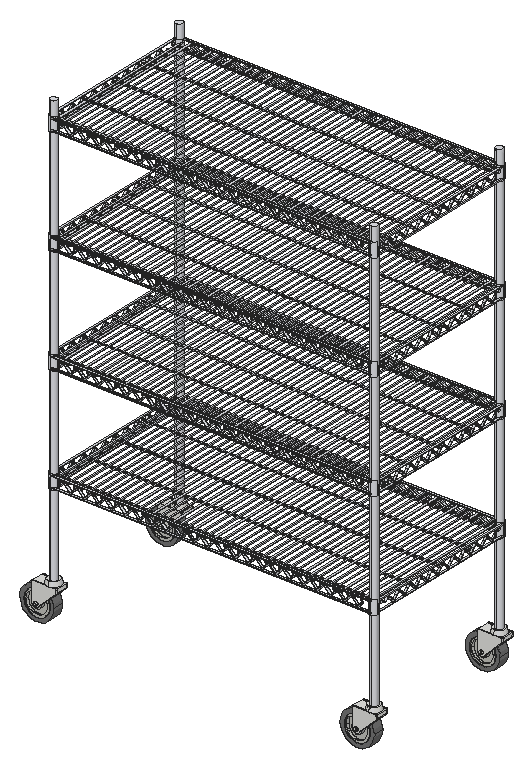
Revit family "Wire_Shelving-Salsbury_Industries-Mobile_Units_48_Wide", category Specialty Equipment, Revit 2016
Family settings
  Part Type = Normal
  Round Connector Dimension = Use Diameter
  OmniClass Number = 23.40.00.00
  OmniClass Title = Equipment and Furnishings
  Work Plane-Based = No
  Always vertical = Yes
  Cut with Voids When Loaded = No
  Shared = No
  Room Calculation Point = No
Parameters (values of type "9544M")
  Width = 48.000"
  Wheel Material = Rubber - Salsbury Finish - Black
  Wheel Hub = Plastic - Salsbury Finish - Gray
  Wheel Hardware = Steel -Salsbury Finish - Polished Steel
  Version = "1.0 (07/31/19)"
  URL = "www.lockers.com"
  Type Comments = "Mobile Wire Shelving"
  Shelf 4 = Wire_Shelving-Shelves : 9144
  Shelf 3 = Wire_Shelving-Shelves : 9144
  Shelf 2 = Wire_Shelving-Shelves : 9144
  Shelf 1 = Wire_Shelving-Shelves : 9144
  Primary Material [instance] = Stainless Steel - Salsbury Finish - Chrome Plated
  OmniClass 23 Title = "Equipment and Furnishings"
  OmniClass 23 Number = "23.40.00.00"
  Model = "9544M"
  MasterFormat Title = "Storage Assemblies"
  MasterFormat Number = "10 56 23"
  Manufacturer = "Salsbury Industries"
  Height = 69.000"
  Description = "48\" Wide - 69\" High - 24\" Deep - Certified by the National Sanitation Foundation (NSF)"
  Depth = 24.000"
  Assembly Description = "Shelving"
  Assembly Code = "C1030320"
Reference planes (in)
  plane 1 "Center (Front/Back)": y = 0
  plane 2: z = 0
  plane 3 "Center (Left/Right)": x = 0
  plane 4 "Bottom": z = 6
  plane 5: z = 37.5
  plane 6: z = 69
  plane 7: x = 24
  plane 8: x = -24
  plane 9: y = -12
  plane 10: y = 12
  plane 11 "Shelf 4": z = 20
  plane 12 "Shelf 3": z = 35.66667
  plane 13 "Shelf 2": z = 51.33333
  plane 14 "Shelf 1": z = 67
  plane 15: x = 23.5
  plane 16: x = -23.5
  plane 17: y = 11.5
  plane 18: y = -11.5
  plane 19: x = -23
  plane 20: x = 23
  plane 21: y = -11
  plane 22: y = 11
Forms (in)
  Extrusion 1, solid, material "Stainless Steel - Salsbury Finish - Chrome Plated" <- "Primary Material"
    sketch origin (0, 0, 6) x (0, -1, 0) y (1, 0, 0)
      loop
        circle (-11.5, -23.5) r 0.5
      loop
        circle (11.5, -23.5) r 0.5
      loop
        circle (-11.5, 23.5) r 0.5
      loop
        circle (11.5, 23.5) r 0.5
    from 0 to 63
Lines and regions (in)
  symbolic lines
    curve 1: line (-24, 0, 69) -> (-23, 0, 69)
    curve 2: line (-24, 0, 6) -> (-24, 0, 69)
    curve 3: line (-23, 0, 6) -> (-24, 0, 6)
    curve 4: line (-23, 0, 69) -> (-23, 0, 6)
    curve 5: line (23, 0, 69) -> (24, 0, 69)
    curve 6: line (23, 0, 6) -> (23, 0, 69)
    curve 7: line (24, 0, 6) -> (23, 0, 6)
    curve 8: line (24, 0, 69) -> (24, 0, 6)
    curve 9: line (0, -12, 69) -> (0, -11, 69)
    curve 10: line (0, -12, 6) -> (0, -12, 69)
    curve 11: line (0, -11, 6) -> (0, -12, 6)
    curve 12: line (0, -11, 69) -> (0, -11, 6)
    curve 13: line (0, 11, 69) -> (0, 12, 69)
    curve 14: line (0, 11, 6) -> (0, 11, 69)
    curve 15: line (0, 12, 6) -> (0, 11, 6)
    curve 16: line (0, 12, 69) -> (0, 12, 6)
Dimensions and locks (in)
  equal spacing: plane 6, plane 5, plane 4 "Bottom"
  "Height": plane 6 to plane 2
  equal spacing: plane 9, plane 1 "Center (Front/Back)", plane 10
  "Depth": plane 9 to plane 10
  equal spacing: plane 8, plane 3 "Center (Left/Right)", plane 7
  "Width": plane 8 to plane 7
  plane 8 to plane 16 = 0.500"
  plane 15 to plane 7 = 0.500"
  plane 17 to plane 10 = 0.500"
  plane 9 to plane 18 = 0.500"
  equal spacing: plane 14 "Shelf 1", plane 13 "Shelf 2", plane 12 "Shelf 3", plane 11 "Shelf 4"
  locked: plane 6 to plane 14 "Shelf 1" at 2
  locked: plane 11 "Shelf 4" to plane 4 "Bottom" at 14
  locked: plane 19 to plane 8 at 1
  locked: plane 20 to plane 7 at 1
  locked: plane 9 to plane 21 at 1
  locked: plane 22 to plane 10 at 1
  locked: plane 4 "Bottom" to plane 2 at 6
  aligned and locked: level to plane 2
  aligned and locked: plane 17 to Extrusion 1 sketch curve  (x2)
  aligned and locked: plane 16 to Extrusion 1 sketch curve  (x2)
  aligned and locked: plane 18 to Extrusion 1 sketch curve  (x2)
  aligned and locked: plane 15 to Extrusion 1 sketch curve  (x2)
  aligned and locked: plane 4 "Bottom" to Extrusion 1
  aligned and locked: Extrusion 1 to plane 6
  aligned and locked: plane 16 to nested 1
  aligned and locked: plane 18 to nested 1
  aligned and locked: plane 11 "Shelf 4" to nested 1
  aligned and locked: plane 18 to nested 2
  aligned and locked: plane 16 to nested 2
  aligned and locked: plane 12 "Shelf 3" to nested 2
  aligned and locked: plane 16 to nested 4
  aligned and locked: plane 18 to nested 4
  aligned and locked: plane 16 to nested 3
  aligned and locked: plane 18 to nested 3
  aligned and locked: plane 13 "Shelf 2" to nested 3
  aligned and locked: plane 14 "Shelf 1" to nested 4
  aligned and locked: curve 3 to plane 4 "Bottom"
  aligned and locked: curve 2 to plane 8
  aligned and locked: plane 6 to curve 1
  aligned and locked: curve 4 to plane 19
  aligned and locked: curve 7 to plane 4 "Bottom"
  aligned and locked: plane 20 to curve 6
  aligned and locked: plane 7 to curve 8
  aligned and locked: plane 6 to curve 5
  aligned and locked: curve 11 to plane 4 "Bottom"
  aligned and locked: curve 12 to plane 21
  aligned and locked: curve 10 to plane 9
  aligned and locked: plane 6 to curve 9
  aligned and locked: plane 6 to curve 13
  aligned and locked: plane 22 to curve 14
  aligned and locked: plane 10 to curve 16
  aligned and locked: curve 15 to plane 4 "Bottom"
  aligned and locked: nested 5 to plane 16
  aligned and locked: plane 18 to nested 5
  aligned and locked: nested 5 to plane 2
  aligned and locked: plane 17 to nested 6
  aligned and locked: plane 16 to nested 6
  aligned and locked: plane 2 to nested 6
  aligned and locked: nested 7 to plane 2
  aligned and locked: plane 2 to nested 8
  aligned and locked: plane 17 to nested 8
  aligned and locked: plane 15 to nested 8
  aligned and locked: plane 18 to nested 7
  aligned and locked: nested 7 to plane 15
Automatic sketch dimensions
  radius of Extrusion 1 sketch curve = 0.500"  (x4)
Nested families (in)
  nested 1: "Wire_Shelving-Shelves" at (0, 0, 18), type <- "Shelf 4", type "9144"
  nested 2: "Wire_Shelving-Shelves" at (0, 0, 33.66667), type <- "Shelf 3", type "9144"
  nested 3: "Wire_Shelving-Shelves" at (0, 0, 49.33333), type <- "Shelf 2", type "9144"
  nested 4: "Wire_Shelving-Shelves" at (0, 0, 65), type <- "Shelf 1", type "9144"
  nested 5: "Wire Shelving Wheel" at (-25.125, -11.5, 0), type "Wire Shelving Wheel"
  nested 6: "Wire Shelving Wheel" at (-25.125, 11.5, 0), type "Wire Shelving Wheel"
  nested 7: "Wire Shelving Wheel" at (21.875, -11.5, 0), type "Wire Shelving Wheel"
  nested 8: "Wire Shelving Wheel" at (21.875, 11.5, 0), type "Wire Shelving Wheel"
Definition of nested family "Wire_Shelving-Shelves"
  Parameters (values of type "9154")
    Wire Support Array = 5
    Wire Platform Support Spacing = 5.403"
    Wire Platform Spacing = 1.003"
    Wire Platform Array - Long Edge = 57
    Wire Pattern Spacing = 2.00818"
    Wire Pattern Offset = 3.500"
    Wire Pattern Array - Short Edge = 10
    Wire Pattern Array - Long Edge = 28
    Wire Bar Depth = Depth + 0.158"  # 24.158"
    Width = 60.000"
    Type Comments = "Shelf for Wire Shelving"
    Primary Material = none
    Model = "9154"
    Manufacturer = "Salsbury Industries"
    Height = 2.000"
    Description = "60\" Wide - 24\" Deep"
    Depth = 24.000"
  Types (6): name | Wire Support Array | Wire Platform Support Spacing | Wire Platform Array - Long Edge | Wire Pattern Array - Short Edge | Wire Pattern Array - Long Edge | Wire Bar Depth | Width | Model | Description | Depth
    9154 | 5 | 5.403" | 57 | 10 | 28 | 24.158" | 60.000" | "9154" | "60\" Wide - 24\" Deep" | 24.000"
    9144 | 5 | 5.403" | 45 | 10 | 22 | 24.158" | 48.000" | "9144" | "48\" Wide - 24\" Deep" | 24.000"
    9134 | 5 | 5.403" | 33 | 10 | 16 | 24.158" | 36.000" | "9134" | "36\" Wide - 24\" Deep" | 24.000"
    9138 | 4 | 5.205" | 33 | 7 | 16 | 18.158" | 36.000" | "9138" | "36\" Wide - 18\" Deep" | 18.000"
    9148 | 4 | 5.205" | 45 | 7 | 22 | 18.158" | 48.000" | "9148" | "48\" Wide - 18\" Deep" | 18.000"
    9158 | 4 | 5.205" | 57 | 7 | 28 | 18.158" | 60.000" | "9158" | "60\" Wide - 18\" Deep" | 18.000"
  Reference planes (in)
    plane 1 "Center (Front/Back)": y = 0
    plane 2: z = 0
    plane 3 "Center (Left/Right)": x = 0
    plane 4 "Bottom": z = 0
    plane 5: z = 1
    plane 6: z = 2
    plane 7: x = 30
    plane 8: x = -30
    plane 9: y = -12
    plane 10: y = 12
    plane 11: x = 29.5
    plane 12: x = -29.5
    plane 13: y = 11.5
    plane 14: y = -11.5
    plane 15: y = -12.079
    plane 16: y = 12.079
    plane 17: x = -30.079
    plane 18: x = 30.079
    plane 19 "Frame - upper": z = 1.775
    plane 20 "Frame-lower": z = 0.225
    plane 21: y = 11.966
    plane 22: y = -11.966
    plane 23: x = 29.966
    plane 24: x = -29.966
    plane 25: y = 11.853
    plane 26: x = 29.70546
    plane 27: x = 29.853
    plane 28: x = -29.853
    plane 29: y = -11.853
    plane 30: z = 1.662
    plane 31: z = 0.338
    plane 32: x = -26.579
    plane 33: x = -24.57082
    plane 34: y = -8.579
    plane 35: y = -6.57082
    plane 36: x = -28.04134
    plane 37: x = -27.03834
    plane 38: x = -29.034
    plane 39: z = 1.54896
    plane 40: x = 29.03397
    plane 41: y = -10.80869
    plane 42: z = 1.32294
    plane 43: y = 10.809
    plane 44: y = -5.40569
    plane 45: y = 10.921
    plane 46: y = -10.921
    plane 47: z = 0.11134
    plane 48: z = 1.889
    plane 49: x = -28.921
    plane 50: x = 28.921
    plane 51: x = 29.14697
    plane 52: x = -29.147
  Forms (in)
    Extrusion 1, solid, material <- "Primary Material"
      sketch origin (0, 0, 0) x (0, -1, 0) y (1, 0, 0)
        loop
          circle (-11.5, -29.5) r 0.5
        loop
          circle (11.5, -29.5) r 0.5
        loop
          circle (-11.5, 29.5) r 0.5
        loop
          circle (11.5, 29.5) r 0.5
        loop
          circle (-11.5, 29.5) r 0.579
        loop
          circle (11.5, 29.5) r 0.579
        loop
          circle (-11.5, -29.5) r 0.579
        loop
          circle (11.5, -29.5) r 0.579
      from 0 to 2
    Extrusion 2, solid, material <- "Primary Material"
      sketch origin (0, 0.03743, 0) x (0, 1, 0) y (0, 0, 1)
        loop
          circle (11.92857, 1.775) r 0.113
        loop
          circle (11.92857, 0.225) r 0.113
        loop
          circle (-12.00343, 1.775) r 0.113
        loop
          circle (-12.00343, 0.225) r 0.113
      from -29.5 to 29.5
    Extrusion 3, solid, material <- "Primary Material"
      sketch origin (0, 0, 0) x (1, 0, 0) y (0, 0, 1)
        loop
          circle (-29.966, 1.775) r 0.113
        loop
          circle (-29.966, 0.225) r 0.113
        loop
          circle (29.966, 1.775) r 0.113
        loop
          circle (29.966, 0.225) r 0.113
      from -11.5 to 11.5
    Extrusion 4, solid, material <- "Primary Material"
      sketch origin (-0.13766, 0, -0.02103) x (1, 0, 0) y (0, 0, 1)
        loop
          circle (-28.89634, 1.56999) r 0.113
      from -11.5 to 11.5
    Extrusion 5, solid, material <- "Primary Material"
      sketch origin (0.13766, 0, -0.02103) x (-1, 0, 0) y (0, 0, -1)
        loop
          circle (-28.89631, -1.56999) r 0.113
      from -11.5 to 11.5
    Extrusion 6, void
      sketch origin (0, 0, 0) x (0, -1, 0) y (1, 0, 0)
        loop
          circle (-11.5, -29.5) r 0.5
        loop
          circle (11.5, -29.5) r 0.5
        loop
          circle (-11.5, 29.5) r 0.5
        loop
          circle (11.5, 29.5) r 0.5
      from 0 to 2
  Cuts and joins
    Extrusion 6 cuts Extrusion 1
    Extrusion 6 cuts Extrusion 2
    Extrusion 6 cuts Extrusion 3
    Extrusion 6 cuts Extrusion 4
    Extrusion 6 cuts Extrusion 5
  Lines and regions (in)
    symbolic lines
      curve 1: circle (-29.5, 11.5, 0) r 0.579 normal (0, 0, -1)
      curve 2: circle (-29.5, -11.5, 0) r 0.579 normal (0, 0, -1)
      curve 3: circle (29.5, -11.5, 0) r 0.579 normal (0, 0, -1)
      curve 4: circle (29.5, 11.5, 0) r 0.579 normal (0, 0, -1)
      curve 5: line (29.5, 12.079, 0) -> (-29.5, 12.079, 0)
      curve 6: line (29.03397, 11.853, 0) -> (-29.034, 11.853, 0)
      curve 7: line (29.5, -12.079, 0) -> (-29.5, -12.079, 0)
      curve 8: line (29.03397, -11.853, 0) -> (-29.034, -11.853, 0)
      curve 9: line (30.079, -11.5, 0) -> (30.079, 11.5, 0)
      curve 10: line (29.853, -10.80869, 0) -> (29.853, 10.809, 0)
      curve 11: line (-30.079, -11.5, 0) -> (-30.079, 11.5, 0)
      curve 12: line (-29.853, -10.80869, 0) -> (-29.853, 10.809, 0)
      curve 13: line (0, 10.921, 2) -> (0, 12.079, 2)
      curve 14: line (0, 10.921, 0) -> (0, 10.921, 2)
      curve 15: line (0, 12.079, 0) -> (0, 10.921, 0)
      curve 16: line (0, 12.079, 2) -> (0, 12.079, 0)
      curve 17: line (0, -12.079, 2) -> (0, -10.921, 2)
      curve 18: line (0, -12.079, 0) -> (0, -12.079, 2)
      curve 19: line (0, -10.921, 0) -> (0, -12.079, 0)
      curve 20: line (0, -10.921, 2) -> (0, -10.921, 0)
      curve 21: line (0, -10.921, 0.11134) -> (0, 10.921, 0.11134)
      curve 22: line (0, 10.921, 0.338) -> (0, -10.921, 0.338)
      curve 23: line (0, 10.921, 1.889) -> (0, -10.921, 1.889)
      curve 24: line (0, 10.921, 1.662) -> (0, -10.921, 1.662)
      curve 25: line (-30.079, 0, 2) -> (-28.921, 0, 2)
      curve 26: line (-30.079, 0, 0) -> (-30.079, 0, 2)
      curve 27: line (-28.921, 0, 0) -> (-30.079, 0, 0)
      curve 28: line (-28.921, 0, 2) -> (-28.921, 0, 0)
      curve 29: line (28.921, 0, 2) -> (30.079, 0, 2)
      curve 30: line (28.921, 0, 0) -> (28.921, 0, 2)
      curve 31: line (30.079, 0, 0) -> (28.921, 0, 0)
      curve 32: line (30.079, 0, 2) -> (30.079, 0, 0)
      curve 33: line (28.921, 0, 1.889) -> (-28.921, 0, 1.889)
      curve 34: line (28.921, 0, 1.662) -> (-28.921, 0, 1.662)
      curve 35: line (28.921, 0, 0.338) -> (-28.921, 0, 0.338)
      curve 36: line (28.921, 0, 0.11134) -> (-28.921, 0, 0.11134)
      curve 39: line (29.14697, 10.921, 0) -> (29.14697, -10.921, 0)
      curve 40: line (28.921, -11.5, 0) -> (28.921, 11.5, 0)
      curve 41: line (-29.147, -10.921, 0) -> (-29.147, 10.921, 0)
      curve 42: line (-28.921, -11.5, 0) -> (-28.921, 11.5, 0)
    reference lines
      curve 37: line (-30, -11.5, 0) -> (-29, -11.5, 0)
      curve 38: line (-29.5, -11, 0) -> (-29.5, -12, 0)
  Dimensions and locks (in)
    equal spacing: plane 6, plane 5, plane 4 "Bottom"
    "Height": plane 6 to plane 4 "Bottom"
    equal spacing: plane 9, plane 1 "Center (Front/Back)", plane 10
    "Depth": plane 9 to plane 10
    equal spacing: plane 8, plane 3 "Center (Left/Right)", plane 7
    "Width": plane 8 to plane 7
    locked: plane 8 to plane 12 at 0.5
    locked: plane 11 to plane 7 at 0.5
    locked: plane 13 to plane 10 at 0.5
    locked: plane 9 to plane 14 at 0.5
    locked: plane 10 to plane 16 at 0.079
    locked: plane 15 to plane 9 at 0.079
    locked: plane 17 to plane 8 at 0.079
    locked: plane 7 to plane 18 at 0.079
    locked: plane 20 "Frame-lower" to plane 4 "Bottom" at 0.225
    locked: plane 6 to plane 19 "Frame - upper" at 0.225
    locked: plane 21 to plane 10 at 0.034
    locked: plane 9 to plane 22 at 0.034
    locked: plane 23 to plane 7 at 0.034
    locked: plane 8 to plane 24 at 0.034
    locked: plane 16 to plane 25 at 0.226
    locked: plane 27 to plane 18 at 0.226
    locked: plane 17 to plane 28 at 0.226
    locked: plane 15 to plane 29 at 0.226
    locked: plane 6 to plane 30 at 0.338
    locked: plane 31 to plane 4 "Bottom" at 0.338
    "Wire Pattern Offset": plane 17 to plane 32
    equal spacing: group 1, group 2, group 3, group 4, group 5, group 6, group 7, group 8, group 9, group 10, group 11, group 12, group 13, group 14, group 15, group 16, group 84, group 85, group 86, group 87, group 88, group 89, group 108, group 109, group 110, group 111, group 112, group 113  (x3)
    "Wire Pattern Spacing": plane 32 to plane 33
    equal spacing: group 17, group 18, group 19, group 20, group 21, group 22, group 23, group 24, group 25, group 26, group 27, group 28, group 29, group 30, group 31, group 32, group 90, group 91, group 92, group 93, group 94, group 95, group 114, group 115, group 116, group 117, group 118, group 119  (x3)
    "Wire Pattern Offset": plane 15 to plane 34
    "Wire Pattern Spacing": plane 34 to plane 35
    equal spacing: group 33, group 34, group 35, group 39, group 40, group 41, group 42, group 132, group 133, group 134  (x3)
    equal spacing: group 36, group 37, group 38, group 43, group 44, group 45, group 46, group 135, group 136, group 137  (x3)
    locked: plane 36 to plane 17 at 2.03766
    "Wire Platform Spacing": plane 37 to plane 36
    equal spacing: group 47, group 48, group 49, group 50, group 51, group 52, group 53, group 54, group 55, group 56, group 57, group 58, group 59, group 60, group 61, group 62, group 63, group 64, group 65, group 66, group 67, group 68, group 69, group 70, group 71, group 72, group 73, group 74, group 75, group 76, group 77, group 78, group 79, group 96, group 97, group 98, group 99, group 100, group 101, group 102, group 103, group 104, group 105, group 106, group 107, group 120, group 121, group 122, group 123, group 124, group 125, group 126, group 127, group 128, group 129, group 130, group 131  (x3)
    locked: plane 6 to plane 39 at 0.45104
    locked: plane 17 to plane 38 at 1.045
    locked: plane 40 to plane 18 at 1.04503
    locked: plane 42 to plane 6 at 0.67706
    locked: plane 15 to plane 41 at 1.27031
    plane 43 to plane 16 = 1.270"
    equal spacing: group 80, group 81, group 82, group 83, group 138  (x3)
    "Wire Platform Support Spacing": plane 41 to plane 44
    locked: plane 45 to plane 16 at 1.158
    locked: plane 15 to plane 46 at 1.158
    locked: plane 4 "Bottom" to plane 47 at 0.11134
    locked: plane 48 to plane 6 at 0.111
    locked: plane 49 to plane 38 at 0.113
    locked: plane 40 to plane 50 at 0.11297
    locked: plane 50 to plane 51 at 0.22597
    locked: plane 52 to plane 49 at 0.226
    aligned and locked: level to plane 2
    aligned and locked: plane 4 "Bottom" to plane 2
    aligned and locked: plane 13 to Extrusion 1 sketch curve  (x4)
    aligned and locked: plane 12 to Extrusion 1 sketch curve  (x4)
    aligned and locked: plane 14 to Extrusion 1 sketch curve  (x4)
    aligned and locked: plane 11 to Extrusion 1 sketch curve  (x4)
    aligned and locked: plane 4 "Bottom" to Extrusion 1
    aligned and locked: Extrusion 1 to plane 6
    aligned and locked: plane 19 "Frame - upper" to Extrusion 2 sketch curve  (x2)
    aligned and locked: Extrusion 2 to plane 11
    aligned and locked: plane 12 to Extrusion 2
    aligned and locked: plane 21 to Extrusion 2 sketch curve  (x2)
    aligned and locked: plane 20 "Frame-lower" to Extrusion 2 sketch curve  (x2)
    aligned and locked: plane 22 to Extrusion 2 sketch curve  (x2)
    aligned and locked: plane 24 to Extrusion 3 sketch curve  (x2)
    aligned and locked: plane 20 "Frame-lower" to Extrusion 3 sketch curve  (x2)
    aligned and locked: plane 19 "Frame - upper" to Extrusion 3 sketch curve  (x2)
    aligned and locked: plane 23 to Extrusion 3 sketch curve  (x2)
    aligned and locked: plane 14 to Extrusion 3
    aligned and locked: Extrusion 3 to plane 13
    aligned and locked: nested 1 to plane 30
    aligned and locked: plane 22 to nested 1
    aligned and locked: nested 1 to plane 32
    aligned and locked: plane 22 to nested 2
    aligned and locked: nested 2 to plane 30
    aligned and locked: nested 2 to plane 33
    aligned and locked: nested 17 to plane 32
    aligned and locked: nested 18 to plane 33
    aligned and locked: nested 17 to plane 30
    aligned and locked: nested 18 to plane 30
    aligned and locked: plane 21 to nested 17
    aligned and locked: plane 21 to nested 18
    aligned and locked: nested 33 to plane 23
    aligned and locked: nested 33 to plane 34
    aligned and locked: nested 33 to plane 30
    aligned and locked: nested 34 to plane 23
    aligned and locked: nested 34 to plane 30
    aligned and locked: nested 34 to plane 35
    aligned and locked: nested 36 to plane 34
    aligned and locked: nested 37 to plane 35
    aligned and locked: nested 36 to plane 30
    aligned and locked: nested 37 to plane 30
    aligned and locked: nested 36 to plane 24
    aligned and locked: nested 37 to plane 24
    aligned and locked: plane 36 to nested 47
    aligned and locked: nested 47 to plane 30
    aligned and locked: plane 15 to nested 47
    aligned and locked: nested 48 to plane 30
    aligned and locked: plane 37 to nested 48
    aligned and locked: plane 15 to nested 48
    aligned and locked: plane 38 to Extrusion 4 sketch curve
    aligned and locked: plane 39 to Extrusion 4 sketch curve
    aligned and locked: plane 40 to Extrusion 5 sketch curve
    aligned and locked: plane 39 to Extrusion 5 sketch curve
    aligned and locked: Extrusion 4 to plane 13
    aligned and locked: plane 14 to Extrusion 4
    aligned and locked: Extrusion 5 to plane 13
    aligned and locked: plane 14 to Extrusion 5
    aligned and locked: plane 42 to nested 80
    aligned and locked: plane 41 to nested 80
    aligned and locked: nested 81 to plane 44
    aligned and locked: plane 42 to nested 81
    aligned and locked: plane 8 to nested 80
    aligned and locked: plane 8 to nested 81
    aligned and locked: plane 13 to Extrusion 6 sketch curve  (x2)
    aligned and locked: plane 12 to Extrusion 6 sketch curve  (x2)
    aligned and locked: plane 14 to Extrusion 6 sketch curve  (x2)
    aligned and locked: plane 11 to Extrusion 6 sketch curve  (x2)
    aligned and locked: Extrusion 6 to level
    aligned and locked: plane 11 to curve 5
    aligned and locked: plane 12 to curve 5
    aligned and locked: plane 40 to curve 6
    aligned and locked: plane 38 to curve 6
    aligned and locked: plane 25 to curve 6
    aligned and locked: curve 5 to plane 16
    aligned and locked: plane 11 to curve 7
    aligned and locked: plane 12 to curve 7
    aligned and locked: plane 40 to curve 8
    aligned and locked: plane 38 to curve 8
    aligned and locked: curve 8 to plane 29
    aligned and locked: curve 7 to plane 15
    aligned and locked: plane 14 to curve 9
    aligned and locked: plane 13 to curve 9
    aligned and locked: plane 41 to curve 10
    aligned and locked: plane 43 to curve 10
    aligned and locked: plane 27 to curve 10
    aligned and locked: curve 9 to plane 18
    aligned and locked: plane 14 to curve 11
    aligned and locked: plane 13 to curve 11
    aligned and locked: plane 41 to curve 12
    aligned and locked: plane 43 to curve 12
    aligned and locked: curve 11 to plane 17
    aligned and locked: plane 28 to curve 12
    aligned and locked: plane 45 to curve 14
    aligned and locked: plane 16 to curve 16
    aligned and locked: plane 6 to curve 13
    aligned and locked: curve 15 to plane 4 "Bottom"
    aligned and locked: curve 20 to plane 46
    aligned and locked: curve 18 to plane 15
    aligned and locked: plane 6 to curve 17
    aligned and locked: curve 19 to plane 4 "Bottom"
    aligned and locked: plane 46 to curve 21
    aligned and locked: plane 45 to curve 21
    aligned and locked: curve 21 to plane 47
    aligned and locked: plane 31 to curve 22
    aligned and locked: plane 45 to curve 23
    aligned and locked: curve 23 to plane 48
    aligned and locked: plane 46 to curve 24
    aligned and locked: plane 30 to curve 24
    aligned and locked: curve 28 to plane 49
    aligned and locked: curve 26 to plane 17
    aligned and locked: plane 6 to curve 25
    aligned and locked: curve 27 to plane 4 "Bottom"
    aligned and locked: plane 6 to curve 29
    aligned and locked: curve 31 to plane 4 "Bottom"
    aligned and locked: plane 18 to curve 32
    aligned and locked: plane 49 to curve 36
    aligned and locked: plane 49 to curve 35
    aligned and locked: plane 50 to curve 35
    aligned and locked: plane 31 to curve 35
    aligned and locked: plane 50 to curve 36
    aligned and locked: curve 36 to plane 47
    aligned and locked: plane 30 to curve 34
    aligned and locked: plane 50 to curve 33
    aligned and locked: curve 33 to plane 48
    aligned and locked: plane 14 to curve 37
    aligned and locked: plane 12 to curve 38
    aligned and locked: plane 45 to curve 39
    aligned and locked: plane 46 to curve 39
    aligned and locked: curve 39 to plane 51
    aligned and locked: plane 14 to curve 40
    aligned and locked: plane 13 to curve 40
    aligned and locked: plane 50 to curve 40
    aligned and locked: plane 46 to curve 41
    aligned and locked: plane 45 to curve 41
    aligned and locked: plane 52 to curve 41
    aligned and locked: plane 14 to curve 42
    aligned and locked: plane 13 to curve 42
    aligned and locked: plane 49 to curve 42
  Automatic sketch dimensions
    plane 9 to curve 38 = 0.000"
    curve 37 to plane 8 = 0.000"
    curve 38 to plane 46 = 0.079"
    plane 38 to curve 37 = 0.034"
    radius of Extrusion 1 sketch curve = 0.500"  (x4)
    radius of Extrusion 1 sketch curve = 0.579"  (x4)
    radius of Extrusion 2 sketch curve = 0.113"  (x4)
    radius of Extrusion 3 sketch curve = 0.113"  (x4)
    radius of Extrusion 4 sketch curve = 0.113"
    radius of Extrusion 5 sketch curve = 0.113"
    radius of Extrusion 6 sketch curve = 0.500"  (x4)
  Nested families (in)
    nested 1: "Wire Pattern" at (-26.579, -11.966, 0.338), Wire Material <- "Primary Material", type "Wire Pattern"
      with Wire Material none
    nested 2: "Wire Pattern" at (-24.57082, -11.966, 0.338), Wire Material <- "Primary Material", type "Wire Pattern"
      with Wire Material none
    nested 3: "Wire Pattern" at (-22.56263, -11.966, 0.338), Wire Material <- "Primary Material", type "Wire Pattern"
      with Wire Material none
    nested 4: "Wire Pattern" at (-20.55445, -11.966, 0.338), Wire Material <- "Primary Material", type "Wire Pattern"
      with Wire Material none
    nested 5: "Wire Pattern" at (-18.54627, -11.966, 0.338), Wire Material <- "Primary Material", type "Wire Pattern"
      with Wire Material none
    nested 6: "Wire Pattern" at (-16.53808, -11.966, 0.338), Wire Material <- "Primary Material", type "Wire Pattern"
      with Wire Material none
    nested 7: "Wire Pattern" at (-14.5299, -11.966, 0.338), Wire Material <- "Primary Material", type "Wire Pattern"
      with Wire Material none
    nested 8: "Wire Pattern" at (-12.52172, -11.966, 0.338), Wire Material <- "Primary Material", type "Wire Pattern"
      with Wire Material none
    nested 9: "Wire Pattern" at (-10.51353, -11.966, 0.338), Wire Material <- "Primary Material", type "Wire Pattern"
      with Wire Material none
    nested 10: "Wire Pattern" at (-8.50535, -11.966, 0.338), Wire Material <- "Primary Material", type "Wire Pattern"
      with Wire Material none
    nested 11: "Wire Pattern" at (-6.49717, -11.966, 0.338), Wire Material <- "Primary Material", type "Wire Pattern"
      with Wire Material none
    nested 12: "Wire Pattern" at (-4.48898, -11.966, 0.338), Wire Material <- "Primary Material", type "Wire Pattern"
      with Wire Material none
    nested 13: "Wire Pattern" at (-2.4808, -11.966, 0.338), Wire Material <- "Primary Material", type "Wire Pattern"
      with Wire Material none
    nested 14: "Wire Pattern" at (-0.47262, -11.966, 0.338), Wire Material <- "Primary Material", type "Wire Pattern"
      with Wire Material none
    nested 15: "Wire Pattern" at (1.53557, -11.966, 0.338), Wire Material <- "Primary Material", type "Wire Pattern"
      with Wire Material none
    nested 16: "Wire Pattern" at (3.54375, -11.966, 0.338), Wire Material <- "Primary Material", type "Wire Pattern"
      with Wire Material none
    nested 17: "Wire Pattern" at (-26.579, 11.966, 0.338), Wire Material <- "Primary Material", type "Wire Pattern"
      with Wire Material none
    nested 18: "Wire Pattern" at (-24.57082, 11.966, 0.338), Wire Material <- "Primary Material", type "Wire Pattern"
      with Wire Material none
    nested 19: "Wire Pattern" at (-22.56263, 11.966, 0.338), Wire Material <- "Primary Material", type "Wire Pattern"
      with Wire Material none
    nested 20: "Wire Pattern" at (-20.55445, 11.966, 0.338), Wire Material <- "Primary Material", type "Wire Pattern"
      with Wire Material none
    nested 21: "Wire Pattern" at (-18.54627, 11.966, 0.338), Wire Material <- "Primary Material", type "Wire Pattern"
      with Wire Material none
    nested 22: "Wire Pattern" at (-16.53808, 11.966, 0.338), Wire Material <- "Primary Material", type "Wire Pattern"
      with Wire Material none
    nested 23: "Wire Pattern" at (-14.5299, 11.966, 0.338), Wire Material <- "Primary Material", type "Wire Pattern"
      with Wire Material none
    nested 24: "Wire Pattern" at (-12.52172, 11.966, 0.338), Wire Material <- "Primary Material", type "Wire Pattern"
      with Wire Material none
    nested 25: "Wire Pattern" at (-10.51353, 11.966, 0.338), Wire Material <- "Primary Material", type "Wire Pattern"
      with Wire Material none
    nested 26: "Wire Pattern" at (-8.50535, 11.966, 0.338), Wire Material <- "Primary Material", type "Wire Pattern"
      with Wire Material none
    nested 27: "Wire Pattern" at (-6.49717, 11.966, 0.338), Wire Material <- "Primary Material", type "Wire Pattern"
      with Wire Material none
    nested 28: "Wire Pattern" at (-4.48898, 11.966, 0.338), Wire Material <- "Primary Material", type "Wire Pattern"
      with Wire Material none
    nested 29: "Wire Pattern" at (-2.4808, 11.966, 0.338), Wire Material <- "Primary Material", type "Wire Pattern"
      with Wire Material none
    nested 30: "Wire Pattern" at (-0.47262, 11.966, 0.338), Wire Material <- "Primary Material", type "Wire Pattern"
      with Wire Material none
    nested 31: "Wire Pattern" at (1.53557, 11.966, 0.338), Wire Material <- "Primary Material", type "Wire Pattern"
      with Wire Material none
    nested 32: "Wire Pattern" at (3.54375, 11.966, 0.338), Wire Material <- "Primary Material", type "Wire Pattern"
      with Wire Material none
    nested 33: "Wire Pattern" at (29.966, -8.579, 0.338) x (0, 1, 0) z (0, 0, 1), Wire Material <- "Primary Material", type "Wire Pattern"
      with Wire Material none
    nested 34: "Wire Pattern" at (29.966, -6.57082, 0.338) x (0, 1, 0) z (0, 0, 1), Wire Material <- "Primary Material", type "Wire Pattern"
      with Wire Material none
    nested 35: "Wire Pattern" at (29.966, -4.56263, 0.338) x (0, 1, 0) z (0, 0, 1), Wire Material <- "Primary Material", type "Wire Pattern"
      with Wire Material none
    nested 36: "Wire Pattern" at (-29.966, -8.579, 0.338) x (0, 1, 0) z (0, 0, 1), Wire Material <- "Primary Material", type "Wire Pattern"
      with Wire Material none
    nested 37: "Wire Pattern" at (-29.966, -6.57082, 0.338) x (0, 1, 0) z (0, 0, 1), Wire Material <- "Primary Material", type "Wire Pattern"
      with Wire Material none
    nested 38: "Wire Pattern" at (-29.966, -4.56263, 0.338) x (0, 1, 0) z (0, 0, 1), Wire Material <- "Primary Material", type "Wire Pattern"
      with Wire Material none
    nested 39: "Wire Pattern" at (29.966, -2.55445, 0.338) x (0, 1, 0) z (0, 0, 1), Wire Material <- "Primary Material", type "Wire Pattern"
      with Wire Material none
    nested 40: "Wire Pattern" at (29.966, -0.54627, 0.338) x (0, 1, 0) z (0, 0, 1), Wire Material <- "Primary Material", type "Wire Pattern"
      with Wire Material none
    nested 41: "Wire Pattern" at (29.966, 1.46192, 0.338) x (0, 1, 0) z (0, 0, 1), Wire Material <- "Primary Material", type "Wire Pattern"
      with Wire Material none
    nested 42: "Wire Pattern" at (29.966, 3.4701, 0.338) x (0, 1, 0) z (0, 0, 1), Wire Material <- "Primary Material", type "Wire Pattern"
      with Wire Material none
    nested 43: "Wire Pattern" at (-29.966, -2.55445, 0.338) x (0, 1, 0) z (0, 0, 1), Wire Material <- "Primary Material", type "Wire Pattern"
      with Wire Material none
    nested 44: "Wire Pattern" at (-29.966, -0.54627, 0.338) x (0, 1, 0) z (0, 0, 1), Wire Material <- "Primary Material", type "Wire Pattern"
      with Wire Material none
    nested 45: "Wire Pattern" at (-29.966, 1.46192, 0.338) x (0, 1, 0) z (0, 0, 1), Wire Material <- "Primary Material", type "Wire Pattern"
      with Wire Material none
    nested 46: "Wire Pattern" at (-29.966, 3.4701, 0.338) x (0, 1, 0) z (0, 0, 1), Wire Material <- "Primary Material", type "Wire Pattern"
      with Wire Material none
    nested 47: "Wire Bar" at (-28.04134, -1.51629, 1.436) x (0, 1, 0) z (0, 0, 1), type "Wire Bar"
      with Width 24.158"
    nested 48: "Wire Bar" at (-27.03834, -1.51629, 1.436) x (0, 1, 0) z (0, 0, 1), type "Wire Bar"
      with Width 24.158"
    nested 49: "Wire Bar" at (-26.03534, -1.51629, 1.436) x (0, 1, 0) z (0, 0, 1), type "Wire Bar"
      with Width 24.158"
    nested 50: "Wire Bar" at (-25.03234, -1.51629, 1.436) x (0, 1, 0) z (0, 0, 1), type "Wire Bar"
      with Width 24.158"
    nested 51: "Wire Bar" at (-24.02934, -1.51629, 1.436) x (0, 1, 0) z (0, 0, 1), type "Wire Bar"
      with Width 24.158"
    nested 52: "Wire Bar" at (-23.02634, -1.51629, 1.436) x (0, 1, 0) z (0, 0, 1), type "Wire Bar"
      with Width 24.158"
    nested 53: "Wire Bar" at (-22.02334, -1.51629, 1.436) x (0, 1, 0) z (0, 0, 1), type "Wire Bar"
      with Width 24.158"
    nested 54: "Wire Bar" at (-21.02034, -1.51629, 1.436) x (0, 1, 0) z (0, 0, 1), type "Wire Bar"
      with Width 24.158"
    nested 55: "Wire Bar" at (-20.01734, -1.51629, 1.436) x (0, 1, 0) z (0, 0, 1), type "Wire Bar"
      with Width 24.158"
    nested 56: "Wire Bar" at (-19.01434, -1.51629, 1.436) x (0, 1, 0) z (0, 0, 1), type "Wire Bar"
      with Width 24.158"
    nested 57: "Wire Bar" at (-18.01134, -1.51629, 1.436) x (0, 1, 0) z (0, 0, 1), type "Wire Bar"
      with Width 24.158"
    nested 58: "Wire Bar" at (-17.00834, -1.51629, 1.436) x (0, 1, 0) z (0, 0, 1), type "Wire Bar"
      with Width 24.158"
    nested 59: "Wire Bar" at (-16.00534, -1.51629, 1.436) x (0, 1, 0) z (0, 0, 1), type "Wire Bar"
      with Width 24.158"
    nested 60: "Wire Bar" at (-15.00234, -1.51629, 1.436) x (0, 1, 0) z (0, 0, 1), type "Wire Bar"
      with Width 24.158"
    nested 61: "Wire Bar" at (-13.99934, -1.51629, 1.436) x (0, 1, 0) z (0, 0, 1), type "Wire Bar"
      with Width 24.158"
    nested 62: "Wire Bar" at (-12.99634, -1.51629, 1.436) x (0, 1, 0) z (0, 0, 1), type "Wire Bar"
      with Width 24.158"
    nested 63: "Wire Bar" at (-11.99334, -1.51629, 1.436) x (0, 1, 0) z (0, 0, 1), type "Wire Bar"
      with Width 24.158"
    nested 64: "Wire Bar" at (-10.99034, -1.51629, 1.436) x (0, 1, 0) z (0, 0, 1), type "Wire Bar"
      with Width 24.158"
    nested 65: "Wire Bar" at (-9.98734, -1.51629, 1.436) x (0, 1, 0) z (0, 0, 1), type "Wire Bar"
      with Width 24.158"
    nested 66: "Wire Bar" at (-8.98434, -1.51629, 1.436) x (0, 1, 0) z (0, 0, 1), type "Wire Bar"
      with Width 24.158"
    nested 67: "Wire Bar" at (-7.98134, -1.51629, 1.436) x (0, 1, 0) z (0, 0, 1), type "Wire Bar"
      with Width 24.158"
    nested 68: "Wire Bar" at (-6.97834, -1.51629, 1.436) x (0, 1, 0) z (0, 0, 1), type "Wire Bar"
      with Width 24.158"
    nested 69: "Wire Bar" at (-5.97534, -1.51629, 1.436) x (0, 1, 0) z (0, 0, 1), type "Wire Bar"
      with Width 24.158"
    nested 70: "Wire Bar" at (-4.97234, -1.51629, 1.436) x (0, 1, 0) z (0, 0, 1), type "Wire Bar"
      with Width 24.158"
    nested 71: "Wire Bar" at (-3.96934, -1.51629, 1.436) x (0, 1, 0) z (0, 0, 1), type "Wire Bar"
      with Width 24.158"
    nested 72: "Wire Bar" at (-2.96634, -1.51629, 1.436) x (0, 1, 0) z (0, 0, 1), type "Wire Bar"
      with Width 24.158"
    nested 73: "Wire Bar" at (-1.96334, -1.51629, 1.436) x (0, 1, 0) z (0, 0, 1), type "Wire Bar"
      with Width 24.158"
    nested 74: "Wire Bar" at (-0.96034, -1.51629, 1.436) x (0, 1, 0) z (0, 0, 1), type "Wire Bar"
      with Width 24.158"
    nested 75: "Wire Bar" at (0.04266, -1.51629, 1.436) x (0, 1, 0) z (0, 0, 1), type "Wire Bar"
      with Width 24.158"
    nested 76: "Wire Bar" at (1.04566, -1.51629, 1.436) x (0, 1, 0) z (0, 0, 1), type "Wire Bar"
      with Width 24.158"
    nested 77: "Wire Bar" at (2.04866, -1.51629, 1.436) x (0, 1, 0) z (0, 0, 1), type "Wire Bar"
      with Width 24.158"
    nested 78: "Wire Bar" at (3.05166, -1.51629, 1.436) x (0, 1, 0) z (0, 0, 1), type "Wire Bar"
      with Width 24.158"
    nested 79: "Wire Bar" at (4.05466, -1.51629, 1.436) x (0, 1, 0) z (0, 0, 1), type "Wire Bar"
      with Width 24.158"
    nested 80: "Wire Bar_long" at (-19.43729, -10.80869, 1.20994), type "Wire Bar_long"
    nested 81: "Wire Bar_long" at (-19.43729, -5.40569, 1.20994), type "Wire Bar_long"
    nested 82: "Wire Bar_long" at (-19.43729, -0.00269, 1.20994), type "Wire Bar_long"
    nested 83: "Wire Bar_long" at (-19.43729, 5.40031, 1.20994), type "Wire Bar_long"
    nested 84: "Wire Pattern" at (5.55193, -11.966, 0.338), Wire Material <- "Primary Material", type "Wire Pattern"
      with Wire Material none
    nested 85: "Wire Pattern" at (7.56012, -11.966, 0.338), Wire Material <- "Primary Material", type "Wire Pattern"
      with Wire Material none
    nested 86: "Wire Pattern" at (9.5683, -11.966, 0.338), Wire Material <- "Primary Material", type "Wire Pattern"
      with Wire Material none
    nested 87: "Wire Pattern" at (11.57648, -11.966, 0.338), Wire Material <- "Primary Material", type "Wire Pattern"
      with Wire Material none
    nested 88: "Wire Pattern" at (13.58467, -11.966, 0.338), Wire Material <- "Primary Material", type "Wire Pattern"
      with Wire Material none
    nested 89: "Wire Pattern" at (15.59285, -11.966, 0.338), Wire Material <- "Primary Material", type "Wire Pattern"
      with Wire Material none
    nested 90: "Wire Pattern" at (5.55193, 11.966, 0.338), Wire Material <- "Primary Material", type "Wire Pattern"
      with Wire Material none
    nested 91: "Wire Pattern" at (7.56012, 11.966, 0.338), Wire Material <- "Primary Material", type "Wire Pattern"
      with Wire Material none
    nested 92: "Wire Pattern" at (9.5683, 11.966, 0.338), Wire Material <- "Primary Material", type "Wire Pattern"
      with Wire Material none
    nested 93: "Wire Pattern" at (11.57648, 11.966, 0.338), Wire Material <- "Primary Material", type "Wire Pattern"
      with Wire Material none
    nested 94: "Wire Pattern" at (13.58467, 11.966, 0.338), Wire Material <- "Primary Material", type "Wire Pattern"
      with Wire Material none
    nested 95: "Wire Pattern" at (15.59285, 11.966, 0.338), Wire Material <- "Primary Material", type "Wire Pattern"
      with Wire Material none
    nested 96: "Wire Bar" at (5.05766, -1.51629, 1.436) x (0, 1, 0) z (0, 0, 1), type "Wire Bar"
      with Width 24.158"
    nested 97: "Wire Bar" at (6.06066, -1.51629, 1.436) x (0, 1, 0) z (0, 0, 1), type "Wire Bar"
      with Width 24.158"
    nested 98: "Wire Bar" at (7.06366, -1.51629, 1.436) x (0, 1, 0) z (0, 0, 1), type "Wire Bar"
      with Width 24.158"
    nested 99: "Wire Bar" at (8.06666, -1.51629, 1.436) x (0, 1, 0) z (0, 0, 1), type "Wire Bar"
      with Width 24.158"
    nested 100: "Wire Bar" at (9.06966, -1.51629, 1.436) x (0, 1, 0) z (0, 0, 1), type "Wire Bar"
      with Width 24.158"
    nested 101: "Wire Bar" at (10.07266, -1.51629, 1.436) x (0, 1, 0) z (0, 0, 1), type "Wire Bar"
      with Width 24.158"
    nested 102: "Wire Bar" at (11.07566, -1.51629, 1.436) x (0, 1, 0) z (0, 0, 1), type "Wire Bar"
      with Width 24.158"
    nested 103: "Wire Bar" at (12.07866, -1.51629, 1.436) x (0, 1, 0) z (0, 0, 1), type "Wire Bar"
      with Width 24.158"
    nested 104: "Wire Bar" at (13.08166, -1.51629, 1.436) x (0, 1, 0) z (0, 0, 1), type "Wire Bar"
      with Width 24.158"
    nested 105: "Wire Bar" at (14.08466, -1.51629, 1.436) x (0, 1, 0) z (0, 0, 1), type "Wire Bar"
      with Width 24.158"
    nested 106: "Wire Bar" at (15.08766, -1.51629, 1.436) x (0, 1, 0) z (0, 0, 1), type "Wire Bar"
      with Width 24.158"
    nested 107: "Wire Bar" at (16.09066, -1.51629, 1.436) x (0, 1, 0) z (0, 0, 1), type "Wire Bar"
      with Width 24.158"
    nested 108: "Wire Pattern" at (17.60103, -11.966, 0.338), Wire Material <- "Primary Material", type "Wire Pattern"
      with Wire Material none
    nested 109: "Wire Pattern" at (19.60921, -11.966, 0.338), Wire Material <- "Primary Material", type "Wire Pattern"
      with Wire Material none
    nested 110: "Wire Pattern" at (21.6174, -11.966, 0.338), Wire Material <- "Primary Material", type "Wire Pattern"
      with Wire Material none
    nested 111: "Wire Pattern" at (23.62558, -11.966, 0.338), Wire Material <- "Primary Material", type "Wire Pattern"
      with Wire Material none
    nested 112: "Wire Pattern" at (25.63376, -11.966, 0.338), Wire Material <- "Primary Material", type "Wire Pattern"
      with Wire Material none
    nested 113: "Wire Pattern" at (27.64195, -11.966, 0.338), Wire Material <- "Primary Material", type "Wire Pattern"
      with Wire Material none
    nested 114: "Wire Pattern" at (17.60103, 11.966, 0.338), Wire Material <- "Primary Material", type "Wire Pattern"
      with Wire Material none
    nested 115: "Wire Pattern" at (19.60921, 11.966, 0.338), Wire Material <- "Primary Material", type "Wire Pattern"
      with Wire Material none
    nested 116: "Wire Pattern" at (21.6174, 11.966, 0.338), Wire Material <- "Primary Material", type "Wire Pattern"
      with Wire Material none
    nested 117: "Wire Pattern" at (23.62558, 11.966, 0.338), Wire Material <- "Primary Material", type "Wire Pattern"
      with Wire Material none
    nested 118: "Wire Pattern" at (25.63376, 11.966, 0.338), Wire Material <- "Primary Material", type "Wire Pattern"
      with Wire Material none
    nested 119: "Wire Pattern" at (27.64195, 11.966, 0.338), Wire Material <- "Primary Material", type "Wire Pattern"
      with Wire Material none
    nested 120: "Wire Bar" at (17.09366, -1.51629, 1.436) x (0, 1, 0) z (0, 0, 1), type "Wire Bar"
      with Width 24.158"
    nested 121: "Wire Bar" at (18.09666, -1.51629, 1.436) x (0, 1, 0) z (0, 0, 1), type "Wire Bar"
      with Width 24.158"
    nested 122: "Wire Bar" at (19.09966, -1.51629, 1.436) x (0, 1, 0) z (0, 0, 1), type "Wire Bar"
      with Width 24.158"
    nested 123: "Wire Bar" at (20.10266, -1.51629, 1.436) x (0, 1, 0) z (0, 0, 1), type "Wire Bar"
      with Width 24.158"
    nested 124: "Wire Bar" at (21.10566, -1.51629, 1.436) x (0, 1, 0) z (0, 0, 1), type "Wire Bar"
      with Width 24.158"
    nested 125: "Wire Bar" at (22.10866, -1.51629, 1.436) x (0, 1, 0) z (0, 0, 1), type "Wire Bar"
      with Width 24.158"
    nested 126: "Wire Bar" at (23.11166, -1.51629, 1.436) x (0, 1, 0) z (0, 0, 1), type "Wire Bar"
      with Width 24.158"
    nested 127: "Wire Bar" at (24.11466, -1.51629, 1.436) x (0, 1, 0) z (0, 0, 1), type "Wire Bar"
      with Width 24.158"
    nested 128: "Wire Bar" at (25.11766, -1.51629, 1.436) x (0, 1, 0) z (0, 0, 1), type "Wire Bar"
      with Width 24.158"
    nested 129: "Wire Bar" at (26.12066, -1.51629, 1.436) x (0, 1, 0) z (0, 0, 1), type "Wire Bar"
      with Width 24.158"
    nested 130: "Wire Bar" at (27.12366, -1.51629, 1.436) x (0, 1, 0) z (0, 0, 1), type "Wire Bar"
      with Width 24.158"
    nested 131: "Wire Bar" at (28.12666, -1.51629, 1.436) x (0, 1, 0) z (0, 0, 1), type "Wire Bar"
      with Width 24.158"
    nested 132: "Wire Pattern" at (29.966, 5.47828, 0.338) x (0, 1, 0) z (0, 0, 1), Wire Material <- "Primary Material", type "Wire Pattern"
      with Wire Material none
    nested 133: "Wire Pattern" at (29.966, 7.48647, 0.338) x (0, 1, 0) z (0, 0, 1), Wire Material <- "Primary Material", type "Wire Pattern"
      with Wire Material none
    nested 134: "Wire Pattern" at (29.966, 9.49465, 0.338) x (0, 1, 0) z (0, 0, 1), Wire Material <- "Primary Material", type "Wire Pattern"
      with Wire Material none
    nested 135: "Wire Pattern" at (-29.966, 5.47828, 0.338) x (0, 1, 0) z (0, 0, 1), Wire Material <- "Primary Material", type "Wire Pattern"
      with Wire Material none
    nested 136: "Wire Pattern" at (-29.966, 7.48647, 0.338) x (0, 1, 0) z (0, 0, 1), Wire Material <- "Primary Material", type "Wire Pattern"
      with Wire Material none
    nested 137: "Wire Pattern" at (-29.966, 9.49465, 0.338) x (0, 1, 0) z (0, 0, 1), Wire Material <- "Primary Material", type "Wire Pattern"
      with Wire Material none
    nested 138: "Wire Bar_long" at (-19.43729, 10.80331, 1.20994), type "Wire Bar_long"
  Definition of nested family "Wire Pattern"
    Parameters (values of type "Wire Pattern")
      Wire Material [instance] = none
    Reference planes (in)
      plane 1 "Center (Front/Back)": y = 0
      plane 2: z = 0
      plane 3 "Center (Left/Right)": x = 0
      plane 4: z = 1.324
      plane 5: through (-4.24637, -180, -4.24637) normal (-0.7071, 0, 0.7071)
      plane 6: through (4.24637, -180, -4.24637) normal (-0.7071, 0, -0.7071)
      plane 7: through (6.57523, -180, -4.55656) normal (-0.7071, 0, -0.7071)
      plane 8: through (-6.57029, -180, -4.5615) normal (-0.7071, 0, 0.7071)
    Forms (in)
      Extrusion 1, solid, material <- "Wire Material"
        sketch origin (0.85631, 0, -0.85631) x (0, 1, 0) y (-0.707107, 0, 0.707107)
          loop
            circle (0, 1.324) r 0.113
        from 0 to 0.823
      Extrusion 2, solid, material <- "Wire Material"
        sketch origin (-0.85631, 0, -0.85631) x (0, 1, 0) y (-0.707107, 0, -0.707107)
          loop
            circle (0, -1.324) r 0.113
        from 0 to 1.64643
      Extrusion 3, solid, material <- "Wire Material"
        sketch origin (-0.57023, 0, -0.27405) x (0, 1, 0) y (-0.707107, 0, 0.707107)
          loop
            circle (0, 1.324) r 0.113
        from 0 to 0.823
    Lines and regions (in)
      symbolic lines
        curve 1: line (-1.42654, 0, 0.58225) -> (-1.58635, 0, 0.74206)
        curve 2: line (-1.58635, 0, 0.74206) -> (-1.0044, 0, 1.32401)
        curve 3: line (-1.0044, 0, 1.32401) -> (0, 0, 0.31961)
        curve 4: line (0, 0, 0.31961) -> (0.42214, 0, 0.74176)
        curve 5: line (0.42214, 0, 0.74176) -> (0.58195, 0, 0.58195)
        curve 6: line (0.58195, 0, 0.58195) -> (0, 0, 0)
        curve 7: line (0, 0, 0) -> (-1.0044, 0, 1.0044)
        curve 8: line (-1.0044, 0, 1.0044) -> (-1.42654, 0, 0.58225)
    Dimensions and locks (in)
      locked: plane 4 to plane 2 at 1.324
      aligned and locked: level to plane 2
      aligned and locked: curve 1 to Extrusion 3
      aligned and locked: curve 2 to Extrusion 2
      aligned and locked: curve 3 to Extrusion 3
      aligned and locked: curve 5 to Extrusion 1
      aligned and locked: plane 5 to curve 6
      aligned and locked: curve 7 to Extrusion 1
  Definition of nested family "Wire Bar"
    Parameters (values of type "Wire Bar")
      Width = 22.56271"
      Primary Material = none
    Reference planes (in)
      plane 1 "Center (Front/Back)": y = 0
      plane 2: z = 0
      plane 3 "Center (Left/Right)": x = 0
      plane 4: z = 0.226
      plane 5: x = -10.56271
      plane 6: x = 12
      plane 7: y = 0.113
      plane 8: y = -0.113
    Forms (in)
      Extrusion 1, solid, material <- "Primary Material"
        sketch origin (0, 0, 0) x (0, 1, 0) y (0, 0, 1)
          loop
            circle (0, 0.113) r 0.113
        from -10.56271 to 12
    Lines and regions (in)
      symbolic lines
        curve 1: circle (0, 0, 0.113) r 0.113 normal (1, 0, 0)
        curve 2: line (-10.56271, 0.113, 0) -> (12, 0.113, 0)
        curve 3: line (12, -0.113, 0) -> (-10.56271, -0.113, 0)
        curve 4: line (12, -0.113, 0) -> (12, 0.113, 0)
        curve 5: line (-10.56271, -0.113, 0) -> (-10.56271, 0.113, 0)
        curve 6: line (-10.56271, 0, 0.226) -> (12, 0, 0.226)
        curve 7: line (12, 0, 0) -> (-10.56271, 0, 0)
        curve 8: line (-10.56271, 0, 0) -> (-10.56271, 0, 0.226)
        curve 9: line (12, 0, 0) -> (12, 0, 0.226)
    Dimensions and locks (in)
      plane 4 to plane 2 = 0.226"
      "Width": plane 5 to plane 6
      aligned and locked: level to plane 2
      aligned and locked: plane 5 to Extrusion 1
      aligned and locked: plane 6 to Extrusion 1
      aligned and locked: plane 5 to curve 3
      aligned and locked: plane 5 to curve 2
      aligned and locked: plane 6 to curve 2
      aligned and locked: curve 2 to plane 7
      aligned and locked: plane 8 to curve 3
      aligned and locked: curve 4 to Extrusion 1
      aligned and locked: plane 5 to curve 6
      aligned and locked: plane 6 to curve 6
      aligned and locked: plane 6 to curve 7
      aligned and locked: plane 5 to curve 7
      aligned and locked: plane 4 to curve 6
      aligned and locked: plane 2 to curve 7
    Automatic sketch dimensions
      Extrusion 1 sketch curve to plane 1 "Center (Front/Back)" = 0.000"
      level to Extrusion 1 sketch curve = 0.113"
      curve 1 to plane 1 "Center (Front/Back)" = 0.000"
      plane 4 to curve 1 = 0.113"
      radius of Extrusion 1 sketch curve = 0.113"
      radius of curve 1 = 0.113"
  Definition of nested family "Wire Bar_long"
    Parameters (values of type "Wire Bar_long")
      Width = 60.000"
      Primary Material = none
    Reference planes (in)
      plane 1 "Center (Front/Back)": y = 0
      plane 2: z = 0
      plane 3 "Center (Left/Right)": x = 0
      plane 4: z = 0.226
      plane 5: x = -10.56271
      plane 6: x = 49.43729
      plane 7: y = 0.113
      plane 8: y = -0.113
    Forms (in)
      Extrusion 1, solid, material <- "Primary Material"
        sketch origin (0, 0, 0) x (0, 1, 0) y (0, 0, 1)
          loop
            circle (0, 0.113) r 0.113
        from -10.56271 to 49.43729
    Lines and regions (in)
      symbolic lines
        curve 1: line (-10.56271, 0.113, 0) -> (49.43729, 0.113, 0)
        curve 2: line (49.43729, -0.113, 0) -> (-10.56271, -0.113, 0)
        curve 3: line (-10.56271, -0.113, 0) -> (-10.56271, 0.113, 0)
        curve 4: line (49.43729, -0.113, 0) -> (49.43729, 0.113, 0)
        curve 5: line (-10.56271, 0, 0.226) -> (49.43729, 0, 0.226)
        curve 6: line (49.43729, 0, 0) -> (-10.56271, 0, 0)
        curve 7: line (-10.56271, 0, 0) -> (-10.56271, 0, 0.226)
        curve 8: line (49.43729, 0, 0) -> (49.43729, 0, 0.226)
    Dimensions and locks (in)
      plane 4 to plane 2 = 0.226"
      "Width": plane 5 to plane 6
      aligned and locked: level to plane 2
      aligned and locked: plane 5 to Extrusion 1
      aligned and locked: plane 6 to Extrusion 1
      aligned and locked: plane 5 to curve 1
      aligned and locked: plane 6 to curve 1
      aligned and locked: plane 5 to curve 2
      aligned and locked: plane 7 to curve 1
      aligned and locked: curve 2 to plane 8
      aligned and locked: curve 4 to Extrusion 1
      aligned and locked: plane 5 to curve 5
      aligned and locked: plane 6 to curve 5
      aligned and locked: plane 6 to curve 6
      aligned and locked: plane 5 to curve 6
      aligned and locked: plane 4 to curve 5
      aligned and locked: plane 2 to curve 6
    Automatic sketch dimensions
      Extrusion 1 sketch curve to plane 1 "Center (Front/Back)" = 0.000"
      level to Extrusion 1 sketch curve = 0.113"
      radius of Extrusion 1 sketch curve = 0.113"
Definition of nested family "Wire Shelving Wheel"
  Parameters (values of type "Wire Shelving Wheel")
    Width = 5.500"
    Wheel Material = none
    Wheel Hub = none
    Wheel Hardware = none
    Height = 6.000"
    Depth = 2.500"
  Reference planes (in)
    plane 1 "Center (Front/Back)": y = 0
    plane 2: z = 0
    plane 3 "Center (Left/Right)": x = 0
    plane 4: x = -2.75
    plane 5: x = 2.75
    plane 6: y = -1.25
    plane 7: y = 1.25
    plane 8: z = 0
    plane 9: z = 3
    plane 10: z = 6
    plane 11 "Top of Wheel Brace": z = 5.40091
    plane 12 "Horizontal Center of Wheel": z = 2.5
    plane 13: z = 1.75
    plane 14: x = -0.75047
    plane 15 "Vertical Center of Wheel": x = -0.25
    plane 16: x = 1.625
    plane 17 "Right Side of Wheel": y = 0.75
    plane 18 "Left Side of Wheel": y = -0.75
    plane 19: y = 0.375
    plane 20: y = -0.375
    plane 21 "Right Side of Bracket": y = 0.875
    plane 22: y = 1
    plane 23 "Left Side of Bracket": y = -0.875
    plane 24: y = -1
    plane 25: y = 1.125
    plane 26: y = -1.125
    plane 27: z = 5.27591
    plane 28: x = 2.625
    plane 29: z = 4.625
    plane 30: z = 2.03306
  Forms (in)
    Extrusion 1, solid, material <- "Wheel Material"
      sketch origin (0, 0, 0) x (1, 0, 0) y (0, 0, 1)
        loop
          circle (-0.25, 2.5) r 2.5
        loop
          circle (-0.25, 2.5) r 1.88377
      from -0.75 to 0.75
    Extrusion 2, solid, material <- "Wheel Hub"
      sketch origin (0, 0, 0) x (1, 0, 0) y (0, 0, 1)
        loop
          circle (-0.25, 2.5) r 1.88377
        loop
          circle (-0.25, 2.5) r 0.25
      from -0.75 to 0.75
    Extrusion 3, void
      sketch origin (0, 0.75, 0) x (1, 0, 0) y (0, 0, 1)
        loop
          circle (-0.25, 2.5) r 1.59362
        loop
          circle (-0.25, 2.5) r 0.75
      from 0 to 0.375
    Extrusion 4, void
      sketch origin (0, -0.75, 0) x (1, 0, 0) y (0, 0, 1)
        loop
          circle (-0.25, 2.5) r 1.59362
        loop
          circle (-0.25, 2.5) r 0.75
      from -0.375 to 0
    Blend 5, solid, material <- "Wheel Hardware"
      base sketch origin (0, 0, 5.40091) x (0, -1, 0) y (1, 0, 0)
        loop
          circle (0, 1.625) r 1
      top sketch origin (0, 0, 5.40091) x (0, -1, 0) y (1, 0, 0)
        loop
          circle (0, 1.625) r 0.875
      from 0 to 0.59909
    Extrusion 6, solid, material <- "Wheel Hardware"
      sketch origin (0, 0.75, 0) x (1, 0, 0) y (0, 0, 1)
        loop
          line (2.6315, 5.40091) -> (-0.75047, 5.40091) -> (-0.75047, 2.5)
          arc (-0.75047, 2.5) -> (-0.61371, 2.16982) -> (-0.28353, 2.03306) r 0.46694
          arc (-0.28353, 2.03306) -> (0.01457, 2.0967) -> (0.26723, 2.26723) r 0.8
          line (0.26723, 2.26723) -> (2.75, 4.75) -> (2.75, 5.28242)
          arc (2.75, 5.28242) -> (2.71529, 5.36621) -> (2.6315, 5.40091) r 0.1185
        loop
          circle (-0.25, 2.5) r 0.25
      from -0.25 to -0.125
    Extrusion 7, solid, material <- "Wheel Hardware"
      sketch origin (0, -0.875, 0) x (1, 0, 0) y (0, 0, 1)
        loop
          line (2.6315, 5.40091) -> (-0.75047, 5.40091) -> (-0.75047, 2.5)
          arc (-0.75047, 2.5) -> (-0.61371, 2.16982) -> (-0.28353, 2.03306) r 0.46694
          arc (-0.28353, 2.03306) -> (0.01457, 2.0967) -> (0.26723, 2.26723) r 0.8
          line (0.26723, 2.26723) -> (2.75, 4.75) -> (2.75, 5.28242)
          arc (2.75, 5.28242) -> (2.71529, 5.36621) -> (2.6315, 5.40091) r 0.1185
        loop
          circle (-0.25, 2.5) r 0.25
      from 0 to 0.125
    Extrusion 8, solid, material <- "Wheel Hardware"
      sketch origin (0, 0, 0) x (1, 0, 0) y (0, 0, 1)
        loop
          arc (2.75, 5.28242) -> (2.71529, 5.36621) -> (2.6315, 5.40091) r 0.1185
          line (2.6315, 5.40091) -> (-0.75047, 5.40091) -> (-0.75047, 5.27591) -> (2.5065, 5.27591)
          arc (2.5065, 5.27591) -> (2.59029, 5.24121) -> (2.625, 5.15742) r 0.1185
          line (2.625, 5.15742) -> (2.625, 4.625) -> (2.75, 4.75) -> (2.75, 5.28242)
      from -0.875 to 0.875
    Blend 9, solid, material <- "Wheel Hardware"
      base sketch origin (0, -0.875, 0) x (1, 0, 0) y (0, 0, 1)
        loop
          circle (-0.25, 2.5) r 0.25
      top sketch origin (0, -0.875, 0) x (1, 0, 0) y (0, 0, 1)
        loop
          circle (-0.25, 2.5) r 0.2
      from 0.125 to 0.25
    Blend 10, solid, material <- "Wheel Hardware"
      base sketch origin (0, 0.875, 0) x (1, 0, 0) y (0, 0, 1)
        loop
          circle (-0.25, 2.5) r 0.25
      top sketch origin (0, 0.875, 0) x (1, 0, 0) y (0, 0, 1)
        loop
          circle (-0.25, 2.5) r 0.2
      from -0.125 to -0.25
    Extrusion 11, solid, material <- "Wheel Hardware", detail levels fine
      sketch origin (0, 0, 0) x (1, 0, 0) y (0, 0, 1)
        loop
          circle (-0.25, 2.5) r 0.25
      from -1 to 1
  Cuts and joins
    Extrusion 3, Extrusion 4 cuts Extrusion 2
  Lines and regions (in)
    reference lines
      curve 1: line (1.1634, 0, 5.40091) -> (2.23692, 0, 5.40091)
      curve 2: line (1.625, -0.375, 5.40091) -> (1.625, 0.375, 5.40091)
    symbolic lines
      curve 3: line (-0.75047, 1, 5.40091) -> (2.75, 1, 5.40091)
      curve 4: line (-0.75047, -1, 5.40091) -> (-0.75047, 1, 5.40091)
      curve 5: line (2.75, -1, 5.40091) -> (-0.75047, -1, 5.40091)
      curve 6: line (2.75, 1, 5.40091) -> (2.75, -1, 5.40091)
      curve 7: line (-2.75, 0.75, 5.40091) -> (-0.75047, 0.75, 5.40091)
      curve 8: line (-2.75, -0.75, 5.40091) -> (-2.75, 0.75, 5.40091)
      curve 9: line (-0.75047, -0.75, 5.40091) -> (-2.75, -0.75, 5.40091)
      curve 10: line (0, -0.75, 0) -> (0, -0.75, 4.625)
      curve 11: line (0, 0.75, 0) -> (0, -0.75, 0)
      curve 12: line (0, 0.75, 4.625) -> (0, 0.75, 0)
      curve 13: line (0, -1, 2.03306) -> (0, -1, 5.40091)
      curve 14: line (0, -0.875, 2.03306) -> (0, -1, 2.03306)
      curve 15: line (0, -0.875, 4.625) -> (0, -0.875, 2.03306)
      curve 16: line (0, 1, 2.03306) -> (0, 1, 5.40091)
      curve 17: line (0, 0.875, 2.03306) -> (0, 1, 2.03306)
      curve 18: line (0, 0.875, 4.625) -> (0, 0.875, 2.03306)
      curve 19: line (0, 0.875, 4.625) -> (0, -0.875, 4.625)
      curve 20: line (0, -1, 5.40091) -> (0, -0.875, 6)
      curve 21: line (0, 1, 5.40091) -> (0, 0.875, 6)
      curve 22: line (0, 0.875, 6) -> (0, -0.875, 6)
      curve 23: arc (2.75, 0, 5.28242) -> (2.71529, 0, 5.36621) -> (2.6315, 0, 5.40091) r 0.1185
      curve 24: arc (2.5065, 0, 5.27591) -> (2.59029, 0, 5.24121) -> (2.625, 0, 5.15742) r 0.1185
      curve 25: line (0.26723, 0, 2.26723) -> (2.75, 0, 4.75)
      curve 26: line (2.75, 0, 4.75) -> (2.75, 0, 5.28242)
      curve 27: line (2.6315, 0, 5.40091) -> (-0.75047, 0, 5.40091)
      curve 28: line (-0.75047, 0, 5.40091) -> (-0.75047, 0, 2.5)
      curve 29: arc (-0.28353, 0, 2.03306) -> (0.01457, 0, 2.0967) -> (0.26723, 0, 2.26723) r 0.8
      curve 30: arc (-0.75047, 0, 2.5) -> (-0.61371, 0, 2.16982) -> (-0.28353, 0, 2.03306) r 0.46694
      curve 31: circle (-0.25, 0, 2.5) r 0.25 normal (0, -1, 0)
      curve 32: arc (-0.75047, 0, 4.94939) -> (-2.73747, 0, 2.25005) -> (-0.25314, 0, 0) r 2.5
      curve 33: arc (-0.25314, 0, 0) -> (1.94371, 0, 1.30099) -> (1.85253, 0, 3.85253) r 2.5
      curve 34: arc (-0.75047, 0, 4.31607) -> (-2.11699, 0, 2.24914) -> (-0.25333, 0, 0.61624) r 1.88377
      curve 35: arc (-0.25, 0, 0.61623) -> (1.37017, 0, 1.53894) -> (1.40315, 0, 3.40315) r 1.88377
      curve 36: arc (-0.75047, 0, 4.01299) -> (-1.82359, 0, 2.24817) -> (-0.25332, 0, 0.90639) r 1.59362
      curve 37: arc (-0.25, 0, 0.90638) -> (1.09823, 0, 1.65035) -> (1.18763, 0, 3.18763) r 1.59362
      curve 38: arc (-0.75047, 0, 3.0586) -> (-0.95111, 0, 2.23366) -> (-0.25336, 0, 1.75001) r 0.75
      curve 39: arc (-0.25, 0, 1.75) -> (0.28033, 0, 1.96967) -> (0.5, 0, 2.5) r 0.75
      curve 40: line (0.75, 0, 6) -> (2.5, 0, 6)
      curve 41: line (2.5, 0, 6) -> (2.6315, 0, 5.40091)
      curve 42: line (0.75, 0, 6) -> (0.64437, 0, 5.40091)
  Dimensions and locks (in)
    equal spacing: plane 10, plane 9, plane 8
    "Height": plane 10 to plane 8
    equal spacing: plane 4, plane 3 "Center (Left/Right)", plane 5
    "Width": plane 4 to plane 5
    equal spacing: plane 6, plane 1 "Center (Front/Back)", plane 7
    "Depth": plane 6 to plane 7
    plane 10 to plane 11 "Top of Wheel Brace" = 0.59909"
    plane 10 to plane 13 = 4.250"
    plane 12 "Horizontal Center of Wheel" to plane 13 = 0.750"
    plane 3 "Center (Left/Right)" to plane 14 = 0.75047"
    plane 15 "Vertical Center of Wheel" to plane 14 = 0.50047"
    plane 16 to plane 5 = 1.125"
    plane 6 to plane 18 "Left Side of Wheel" = 0.500"
    plane 17 "Right Side of Wheel" to plane 7 = 0.500"
    plane 19 to plane 17 "Right Side of Wheel" = 0.375"
    plane 18 "Left Side of Wheel" to plane 20 = 0.375"
    plane 21 "Right Side of Bracket" to plane 22 to plane 25 = 0.125", 0.125"
    plane 26 to plane 24 to plane 23 "Left Side of Bracket" = 0.125", 0.125"
    plane 11 "Top of Wheel Brace" to plane 27 = 0.125"
    plane 28 to plane 5 = 0.125"
    plane 29 to plane 27 = 0.65091"
    aligned and locked: level to plane 2
    aligned and locked: plane 8 to plane 2
    aligned and locked: plane 18 "Left Side of Wheel" to Extrusion 1
    aligned and locked: Extrusion 1 to plane 17 "Right Side of Wheel"
    aligned and locked: plane 12 "Horizontal Center of Wheel" to Extrusion 1 sketch curve  (x2)
    aligned and locked: plane 15 "Vertical Center of Wheel" to Extrusion 1 sketch curve  (x2)
    aligned and locked: plane 12 "Horizontal Center of Wheel" to Extrusion 2 sketch curve  (x2)
    aligned and locked: plane 15 "Vertical Center of Wheel" to Extrusion 2 sketch curve  (x2)
    aligned and locked: Extrusion 2 to plane 17 "Right Side of Wheel"
    aligned and locked: plane 18 "Left Side of Wheel" to Extrusion 2
